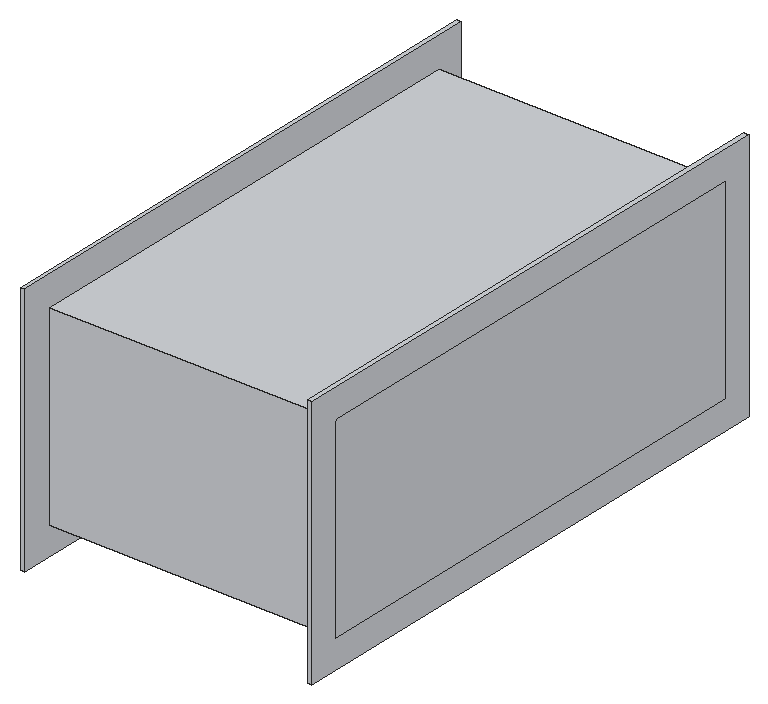
Revit family "XXX_RLT-RE Brandschutz- Entrauchungsklappe - Flansch", category Luftkanalzubehör, Revit 2014
Parameters (values of type "Brandschutzklappe")
  Motorklappe [instance] = yes
  Entrauchungsklappe = no
  Breite [instance] = 500 mm
  Druckverlust [instance] = 0.00 in-wg
  Länge [instance] = 300 mm
  Höhe [instance] = 200 mm
  Flanschstärke = 5 mm
  Flanschbreite = 30 mm
  Widerstandsbeiwert [instance] = 0
  Brandschutzklappe = yes
  Bauelement = "BSK"
Types (2, lengths in mm): name | Entrauchungsklappe | Brandschutzklappe | Bauelement
  Brandschutzklappe | no | yes | "BSK"
  Entrauchungsklappe | yes | no | "ERK"
Reference planes
  plane 1 "Mitte (Vorne/Hinten)": y = 0
  plane 2: z = 0
  plane 3 "Mitte (Links/Rechts)": x = 0
  plane 4: y = 250
  plane 5: y = -250
  plane 6: x = -150
  plane 7: x = 150
  plane 8: z = 100
  plane 9: z = -100
  plane 10: z = 130
  plane 11: y = -280
  plane 12: z = -130
  plane 13: y = 280
  plane 14: x = -145
  plane 15: x = 145
  plane 16: x = -115
Forms (mm)
  Extrusion 1, solid, detail levels medium+fine
    sketch origin (-150, 397.271, 1219.2) x (0, 1, 0) y (0, 0, 1)
      loop
        line (-147.271, -1119.2) -> (-647.271, -1119.2) -> (-647.271, -1319.2) -> (-147.271, -1319.2) -> (-147.271, -1119.2)
    from 0 to 300
  Extrusion 2, solid, detail levels fine
    sketch origin (-150, 397.271, 1219.2) x (0, 1, 0) y (0, 0, 1)
      loop
        line (-117.271, -1089.2) -> (-677.271, -1089.2) -> (-677.271, -1349.2) -> (-117.271, -1349.2) -> (-117.271, -1089.2)
    from 0 to 5
  Extrusion 3, solid, detail levels fine
    sketch origin (150, 397.271, 1219.2) x (0, 1, 0) y (0, 0, -1)
      loop
        line (-117.271, 1089.2) -> (-117.271, 1349.2) -> (-677.271, 1349.2) -> (-677.271, 1089.2) -> (-117.271, 1089.2)
    from 0 to 5
Lines and regions (mm)
  model lines, detail levels coarse
    curve 1: line (-150, 250, 0) -> (150, 250, 0)
    curve 2: line (-150, -250, 0) -> (-150, 250, 0)
    curve 3: line (150, -250, 0) -> (-150, -250, 0)
    curve 4: line (150, 250, 0) -> (150, -250, 0)
    curve 5: line (-150, -208.66, 0) -> (114.808, 250, 0)
    curve 6: line (-115, -250, 0) -> (150, 208.993, 0)
    curve 7: circle (0, 0, 0) r 25 normal (0, 0, 1)
  model lines, style "Symbol", visible <- "Brandschutzklappe", detail levels medium+fine
    curve 8: line (-145, -200, 100) -> (114.808, 250, 100)
    curve 9: line (145, 200.333, 100) -> (-115, -250, 100)
    curve 12: line (-145, -250, -81.845) -> (114.701, -250, 100)
    curve 13: line (-115, -250, -100) -> (145, -250, 82.054)
    curve 15: line (114.701, 250, 100) -> (-145, 250, -81.845)
    curve 16: line (-115, 250, -100) -> (145, 250, 82.054)
  model lines, style "Symbol", detail levels medium+fine
    curve 10: circle (0, 0, 100) r 25 normal (0, 0, 1)
    curve 11: circle (0, -250, 0) r 15 normal (0, -1, 0)
    curve 14: circle (0, 250, 0) r 15 normal (0, 1, 0)
  model lines, style "Symbol", detail levels coarse
    curve 17: line (-150, 0, 100) -> (150, 0, 100)
    curve 18: line (-150, 0, -100) -> (-150, 0, 100)
    curve 19: line (150, 0, -100) -> (-150, 0, -100)
    curve 20: line (150, 0, 100) -> (150, 0, -100)
    curve 23: circle (0, 0, 0) r 15 normal (0, -1, 0)
    curve 24: line (0, 250, 100) -> (0, -250, 100)
    curve 25: line (0, 250, -100) -> (0, 250, 100)
    curve 26: line (0, -250, -100) -> (0, 250, -100)
    curve 27: line (0, -250, 100) -> (0, -250, -100)
  model lines, style "Symbol", visible <- "Brandschutzklappe", detail levels coarse
    curve 21: line (-115, 0, -100) -> (145, 0, 82.054)
    curve 22: line (114.701, 0, 100) -> (-145, 0, -81.845)
  symbolic lines
    curve 28: line (-150, 250, 0) -> (150, 250, 0)
    curve 29: line (-150, -250, 0) -> (-150, 250, 0)
    curve 30: line (150, -250, 0) -> (-150, -250, 0)
    curve 31: line (150, 250, 0) -> (150, -250, 0)
  model lines, style "Symbol", visible <- "Entrauchungsklappe", detail levels medium+fine
    curve 32: line (-150, -250, 100) -> (150, 250, 100)
    curve 33: line (-150, -250, -100) -> (150, -250, 100)
    curve 34: line (-150, 250, -100) -> (150, 250, 100)
  model lines
    curve 35: line (150, -250, -100) -> (150, 250, 100)
    curve 36: circle (150, 0, 0) r 25 normal (1, 0, 0)
    curve 40: circle (-150, 0, 0) r 25 normal (1, 0, 0)
  model lines, visible <- "Entrauchungsklappe", detail levels medium+fine
    curve 37: line (150, -250, -100) -> (150, 250, 100)
    curve 41: line (-150, -250, -100) -> (-150, 250, 100)
  model lines, visible <- "Brandschutzklappe", detail levels medium+fine
    curve 38: line (150, -250, -73.074) -> (150, 182.685, 100)
    curve 39: line (150, -182.685, -100) -> (150, 250, 73.074)
    curve 42: line (-150, -182.685, -100) -> (-150, 250, 73.074)
    curve 43: line (-150, -250, -73.074) -> (-150, 182.685, 100)
Dimensions and locks
  equal spacing: plane 6, plane 3 "Mitte (Links/Rechts)", plane 7
  "Länge": plane 6 to plane 7
  equal spacing: plane 5, plane 1 "Mitte (Vorne/Hinten)", plane 4
  equal spacing: plane 8, level, plane 9
  "Höhe": plane 8 to plane 9
  "Breite": plane 5 to plane 4
  "Flanschbreite": plane 10 to plane 8
  "Flanschbreite": plane 12 to plane 9
  "Flanschbreite": plane 13 to plane 4
  "Flanschbreite": plane 5 to plane 11
  "Flanschstärke": plane 6 to plane 14
  "Flanschstärke": plane 15 to plane 7
  locked: plane 6 to plane 16 at 35
  radius of curve 7 = 25 mm
  radius of curve 10 = 25 mm
  radius of curve 11 = 15 mm
  radius of curve 14 = 15 mm
  radius of curve 23 = 15 mm
  aligned and locked: plane 2 to level
  aligned and locked: plane 7 to Extrusion 1
  aligned and locked: Extrusion 1 to plane 6
  aligned and locked: plane 8 to Extrusion 1
  aligned and locked: plane 9 to Extrusion 1
  aligned and locked: plane 5 to Extrusion 1
  aligned and locked: plane 4 to Extrusion 1
  aligned and locked: plane 14 to Extrusion 2
  aligned and locked: Extrusion 2 to plane 6
  aligned and locked: Extrusion 3 to plane 15
  aligned and locked: plane 7 to Extrusion 3
  aligned and locked: curve 2 to Extrusion 1
  aligned and locked: curve 4 to Extrusion 1
  aligned and locked: curve 8 to curve 12
  aligned and locked: plane 14 to curve 12
  aligned and locked: plane 9 to curve 13
  aligned and locked: plane 15 to curve 13
  aligned and locked: curve 16 to curve 13
  aligned and locked: curve 15 to curve 12
  aligned and locked: curve 17 to Extrusion 1
  aligned and locked: curve 18 to Extrusion 1
  aligned and locked: curve 19 to Extrusion 1
  aligned and locked: curve 20 to Extrusion 1
  aligned and locked: curve 24 to Extrusion 1
  aligned and locked: curve 25 to Extrusion 1
  aligned and locked: curve 26 to Extrusion 1
  aligned and locked: curve 27 to Extrusion 1
  aligned and locked: curve 28 to curve 1
  aligned and locked: curve 29 to curve 2
  aligned and locked: curve 30 to curve 3
  aligned and locked: curve 31 to curve 4
  aligned and locked: curve 32 to curve 2
  aligned and locked: curve 32 to curve 4
  aligned and locked: curve 33 to curve 20
  aligned and locked: curve 33 to curve 18
  aligned and locked: curve 34 to curve 20
  aligned and locked: curve 34 to curve 18
  aligned and locked: curve 25 to curve 39
  aligned and locked: curve 26 to curve 39
  aligned and locked: curve 27 to curve 38
  aligned and locked: curve 24 to curve 38
  aligned and locked: plane 11 to nested 1
Automatic sketch dimensions
  Extrusion 2 sketch curve to plane 10 = 0 mm
  Extrusion 2 sketch curve to plane 11 = 0 mm
  plane 12 to Extrusion 2 sketch curve = 0 mm
  Extrusion 2 sketch curve to plane 13 = 0 mm
  Extrusion 3 sketch curve to plane 10 = 0 mm
  Extrusion 3 sketch curve to plane 11 = 0 mm
  plane 12 to Extrusion 3 sketch curve = 0 mm
  Extrusion 3 sketch curve to plane 13 = 0 mm
  Extrusion 1 sketch curve to plane 5 = 0 mm
  Extrusion 1 sketch curve to plane 4 = 0 mm
  plane 9 to Extrusion 1 sketch curve = 0 mm
  Extrusion 1 sketch curve to plane 8 = 0 mm
  plane 5 to curve 32 = 0 mm
  plane 5 to curve 9 = 0 mm
  curve 8 to plane 14 = 0 mm
  plane 1 "Mitte (Vorne/Hinten)" to curve 10 = 0 mm
  curve 9 to plane 15 = 0 mm
  curve 32 to plane 4 = 0 mm
  curve 8 to plane 4 = 0 mm
  curve 10 to plane 3 "Mitte (Links/Rechts)" = 0 mm
  curve 9 to plane 16 = 0 mm
  curve 8 to plane 5 = 50 mm
  curve 9 to plane 4 = 49.667 mm
  curve 8 to plane 15 = 30.192 mm
  plane 16 to curve 13 = 0 mm
  curve 11 to level = 0 mm
  curve 11 to plane 3 "Mitte (Links/Rechts)" = 0 mm
  curve 33 to plane 9 = 0 mm
  curve 33 to plane 8 = 0 mm
  curve 12 to plane 15 = 30.299 mm
  curve 12 to plane 9 = 18.155 mm
  curve 13 to plane 8 = 17.946 mm
  curve 16 to plane 15 = 0 mm
  curve 15 to plane 8 = 0 mm
  curve 14 to level = 0 mm
  curve 14 to plane 3 "Mitte (Links/Rechts)" = 0 mm
  curve 16 to plane 9 = 0 mm
  curve 15 to plane 14 = 0 mm
  curve 34 to plane 9 = 0 mm
  curve 34 to plane 8 = 0 mm
  plane 5 to curve 3 = 0 mm
  curve 2 to plane 4 = 0 mm
  curve 6 to plane 16 = 0 mm
  plane 1 "Mitte (Vorne/Hinten)" to curve 7 = 0 mm
  curve 7 to plane 3 "Mitte (Links/Rechts)" = 0 mm
  curve 5 to plane 15 = 30.192 mm
  curve 2 to curve 5 = 41.34 mm
  curve 6 to plane 4 = 41.007 mm
  curve 22 to plane 14 = 0 mm
  plane 16 to curve 21 = 0 mm
  curve 23 to level = 0 mm
  curve 23 to plane 3 "Mitte (Links/Rechts)" = 0 mm
  curve 21 to plane 15 = 0 mm
  curve 22 to plane 15 = 30.299 mm
  curve 22 to plane 9 = 18.155 mm
  curve 21 to plane 8 = 17.946 mm
  curve 37 to plane 5 = 0 mm
  curve 35 to plane 5 = 0 mm
  curve 36 to level = 0 mm
  curve 36 to plane 1 "Mitte (Vorne/Hinten)" = 0 mm
  curve 37 to plane 4 = 0 mm
  curve 35 to plane 4 = 0 mm
  plane 9 to curve 37 = 0 mm
  plane 9 to curve 35 = 0 mm
  curve 35 to plane 8 = 0 mm
  curve 37 to plane 8 = 0 mm
  curve 35 to curve 39 = 67.315 mm
  curve 38 to plane 4 = 67.315 mm
  curve 38 to plane 9 = 26.926 mm
  curve 39 to curve 37 = 26.926 mm
  curve 41 to plane 5 = 0 mm
  curve 43 to plane 5 = 0 mm
  plane 9 to curve 42 = 0 mm
  curve 40 to level = 0 mm
  curve 40 to plane 1 "Mitte (Vorne/Hinten)" = 0 mm
  curve 43 to plane 8 = 0 mm
  curve 42 to plane 4 = 0 mm
  curve 41 to plane 4 = 0 mm
  plane 9 to curve 41 = 0 mm
  curve 41 to plane 8 = 0 mm
  curve 42 to plane 5 = 67.315 mm
  curve 43 to curve 41 = 67.315 mm
  curve 41 to curve 43 = 26.926 mm
  curve 42 to curve 41 = 26.926 mm
  radius of curve 36 = 25 mm
  radius of curve 40 = 25 mm
Nested families
  nested 1: "XXX_RLT-Motorsymbol" at (-115, -280, 0), visible <- "Motorklappe", type "XXX_RLT-Motorsymbol"
Connectors
  hvac at (-150, 0, 0), driven by "Widerstandsbeiwert", driven by "Höhe", driven by "Breite"
    settings: on Extrusion 1, index 1, duct flow 0 CFM, flow factor 0, pres drop 0.00 in-wg, loss coef 0, conn angle 0.00°, conn width 500 mm, conn height 200 mm, conn diameter 609.6 mm, duct sys type 29, conn prof type 1, flow config 0, flow direction 0, loss method 6, conn ref index 2, conn util no, is conn primary yes, conn desc ""
  hvac at (150, 0, 0), driven by "Widerstandsbeiwert", driven by "Breite", driven by "Höhe"
    settings: on Extrusion 1, index 2, duct flow 0 CFM, flow factor 0, pres drop 0.00 in-wg, loss coef 0, conn angle 0.00°, conn width 500 mm, conn height 200 mm, conn diameter 609.6 mm, duct sys type 29, conn prof type 1, flow config 0, flow direction 0, loss method 6, conn ref index 1, conn util no, is conn primary no, conn desc ""
Definition of nested family "XXX_RLT-Motorsymbol"
  Reference planes
    plane 1: y = 0
    plane 2: x = 0
  Lines and regions (mm)
    detail lines
      curve 1: circle (0, -1.553, 0) r 1.553 normal (0, 0, 1)
  Text (mm)
    text "M" at (0.034, 0.184, 0)
